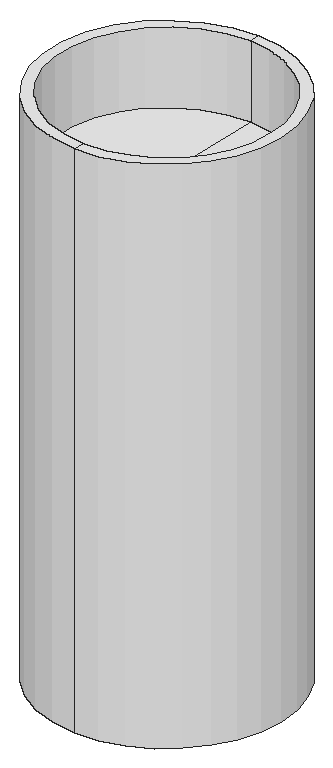
Revit family "Lighting-Surface-Lucifer-Cylinder-CY3", category Lighting Fixtures, host Face, Revit 2016
Family settings
  Host = Face
  Part Type = Normal
  Round Connector Dimension = Use Diameter
  Cut with Voids When Loaded = No
  Light Source = Yes
  Shared = No
  Room Calculation Point = No
Parameters (values of type "CY3-FB")
  Wattage = 9.2903 W
  built-in parameter 1150110 = 1 (stored number, unit not read)
  Voltage = 0 V
  URL = "https://www.luciferlighting.com/"
  built-in parameter 1114217 = 1 (stored number, unit not read)
  Tilt Angle = -90.00°
  built-in parameter 1150109 = 1 (stored number, unit not read)
  built-in parameter 1150134 = 3
  built-in parameter 1150113 = 1 (stored number, unit not read)
  Power Factor = 1
  Photometric Web File = "Load File"
  Number of Poles = 1
  built-in parameter 1150142 = (empty or 0)
  Model = "CY3-FB"
  Manufacturer = "Lucifer Lighting"
  built-in parameter 1150105 = 109.82 (stored number, unit not read)
  Lumens = 1380 lm
  built-in parameter 1150115 = 1 (stored number, unit not read)
  built-in parameter 1150137 = (empty or 0)
  built-in parameter 1150139 = (empty or 0)
  built-in parameter 1150112 = 1 (stored number, unit not read)
  built-in parameter 1150114 = 1 (stored number, unit not read)
  Lamp = "LED"
  built-in parameter 1150132 = (empty or 0)
  built-in parameter 1150102 = (empty or 0)
  built-in parameter 1150107 = 3200 (stored number, unit not read)
  built-in parameter 1150138 = (empty or 0)
  built-in parameter 1150106 = 1.0982 (stored number, unit not read)
  Emit from Circle Diameter = 3.25"
  Emit Shape Visible in Rendering = no
  built-in parameter 1150104 = 13.8 (stored number, unit not read)
  Dimming Lamp Color Temperature Shift = <None>
  Description = "Fixed Surface Mount"
  Default Elevation = 48.00"
  Color Filter = 16777215
  built-in parameter 1114218 = 1 (stored number, unit not read)
  built-in parameter 1150133 = 10 (stored number, unit not read)
  Apparent Load = 0 VA
Reference planes (in)
  plane 1 "Center (Front/Back)": y = 0
  plane 2: z = 0
  plane 3 "Center (Left/Right)": x = 0
  plane 4: z = -4.94
  plane 5: z = -4.94
  plane 6: z = 7.4
  plane 7: y = 1.625
  plane 8: y = -1.625
  plane 9: z = 6.38
Forms (in)
  Revolve 1, solid, material "Housing"
    sketch origin (0, 0, 0) x (0, 1, 0) y (0, 0, 1)
      loop
        line (1.625, 7.4) -> (1.475, 7.4) -> (1.475, 6.38) -> (0, 6.38) -> (0, 0) -> (1.625, 0) -> (1.625, 7.4)
      axis (0, 7.4) -> (0, 0)
    angle from 0 to 360
Dimensions and locks (in)
  host face to plane 5 = 4.94"
  equal spacing: plane 7, plane 1 "Center (Front/Back)", plane 8
  plane 7 to plane 8 = 3.25"
  plane 6 to Revolve 1 sketch curve = 7.40"
  locked: plane 6 to plane 9 at 1.02
  aligned and locked: plane 2 to host face
  aligned and locked: level to host face
Connectors (in)
  electrical at (0, 0, 0), driven by "Number of Poles", driven by "Voltage", driven by "Apparent Load", driven by "Power Factor"
    settings: on Revolve 1, index 1, voltage 0 V, apparent load 0 VA, apparent load phase1 0 VA, apparent load phase2 0 VA, apparent load phase3 0 VA, power factor 1, load classification "Other", number of poles 1, system type 31, power factor state 1, is connector primary yes, connector utility no, sub classification motor no, connector description ""
